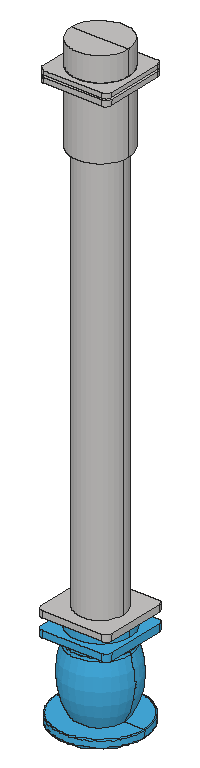
Revit family "HAWLE Гидрант", category Оборудование, Revit 2017
Family settings
  Размер круглого соединителя = Использовать диаметр
  Тип детали = Нормальный
  На основе рабочей плоскости = Нет
  Всегда вертикально = Да
  При загрузке вырезать с полостями = Нет
  Общий = Нет
  Точка расчета площади = Нет
Parameters
  Фланец [instance] = no
  Разработчик модели (URL) = "http://prorubim.com/ru/"  # constant formula
  Разработчик (телефон) = "+7(495)649-85-43"  # constant formula
  Разработчик (email) = "office@prorubim.com"  # constant formula
  Разработчик = "ООО ПРОРУБИМ"  # constant formula
  Материал_Труба = Hawle_Cталь
  Материал_Основание = Hawle_Чугун
  Материал_Колено = Hawle_Латунь
  Изготовитель телефон = "+7(812)6707670"  # constant formula
  Изготовитель email = "info@hawle-sevkom.ru"  # constant formula
  Изготовитель = "ООО Хавле-Севком"  # constant formula
  URL = "https://www.hawle.ru/"
  L = 1530 mm
  D_Колено для опорожнения = 15 mm
  DN_наруж = DN / 2 + 7 mm  # 57 mm
  DN = 100 mm  # constant formula
  ADSK_Расход жидкости [instance] = 0.0 L/s
  ADSK_Примечание = ""
  ADSK_Позиция = ""
  ADSK_Перепад давления на клапане ΔР [instance] = 0.0 Pa
  ADSK_Обозначение = "DN100(EN1092-2)"  # constant formula
  ADSK_Наименование = "Подземный гидрант DUO GOST"  # constant formula
  ADSK_Масса_Текст = ""
  ADSK_Масса = 0
  ADSK_Код изделия = "5035"  # constant formula
  ADSK_Завод-изготовитель = "Hawle"  # constant formula
  ADSK_Единица измерения = "Шт."  # constant formula
Reference planes
  plane 1 "По центру (Вперед/Назад)": y = 0
  plane 2: z = 0
  plane 3 "По центру (Влево/Вправо)": x = 0
  plane 4: z = 1530
  plane 5: z = 1290
  plane 6: x = -57
  plane 7: z = 270
  plane 8: z = 245
  plane 9: x = -100
  plane 10: x = -110
  plane 11: z = 235
  plane 12: z = 1470
  plane 13: x = -70
Forms (mm)
  Revolve 1, solid, material "Hawle_Чугун" <- "Материал_Основание", detail levels fine
    sketch origin (0.133, 0, 0) x (1, 0, 0) y (0, 0, 1)
      loop
        line (0, 14) -> (-63.706, 14) -> (-63.706, 12.921) -> (-73.178, 12.921)
        arc (-73.178, 12.921) -> (-74.561, 12.348) -> (-75.133, 10.965) r 1.956
        line (-75.133, 10.965) -> (-75.133, 0) -> (0, 0) -> (0, 14)
      axis (0, 14) -> (0, 0)
    angle from 0 to 360
  Revolve 2, solid, material "Hawle_Чугун" <- "Материал_Основание", detail levels fine
    sketch origin (0.133, 0, 0) x (1, 0, 0) y (0, 0, 1)
      loop
        arc (-108.133, 33) -> (-109.548, 32.414) -> (-110.133, 31) r 2
        line (-110.133, 31) -> (-110.133, 16)
        arc (-110.133, 16) -> (-109.548, 14.586) -> (-108.133, 14) r 2
        line (-108.133, 14) -> (0, 14) -> (0, 33) -> (-108.133, 33)
      axis (0, 33) -> (0, 14)
    angle from 0 to 360
  Revolve 3, solid, material "Hawle_Чугун" <- "Материал_Основание", detail levels fine
    sketch origin (0.133, 0, 0) x (1, 0, 0) y (0, 0, 1)
      loop
        line (0, 255.303) -> (-73.683, 255.303) -> (-73.683, 194.149)
        arc (-73.683, 194.149) -> (-74.042, 190.378) -> (-75.105, 186.743) r 20
        arc (-75.105, 186.743) -> (-86.339, 108.089) -> (-60.369, 33) r 168.904
        line (-60.369, 33) -> (0, 33) -> (0, 255.303)
      axis (0, 255.303) -> (0, 33)
    angle from 0 to 360
  Revolve 4, solid, material "Hawle_Cталь" <- "Материал_Труба", detail levels fine
    sketch origin (0.133, 0, 0) x (1, 0, 0) y (0, 0, 1)
      loop
        line (0, 1290) -> (-57.133, 1290) -> (-57.133, 254.333) -> (0, 254.333) -> (0, 1290)
      axis (0, 1290) -> (0, 254.333)
    angle from 0 to 360
  Extrusion 5, solid, material "Hawle_Чугун" <- "Материал_Основание", detail levels fine
    sketch origin (0.133, 0, 0) x (1, 0, 0) y (0, 1, 0)
      loop
        arc (-73.5, 87.5) -> (-83.399, 83.399) -> (-87.5, 73.5) r 14
        line (-87.5, 73.5) -> (-87.5, -73.5)
        arc (-87.5, -73.5) -> (-83.399, -83.399) -> (-73.5, -87.5) r 14
        line (-73.5, -87.5) -> (73.5, -87.5)
        arc (73.5, -87.5) -> (83.399, -83.399) -> (87.5, -73.5) r 14
        line (87.5, -73.5) -> (87.5, 73.5)
        arc (87.5, 73.5) -> (83.399, 83.399) -> (73.5, 87.5) r 14
        line (73.5, 87.5) -> (-73.5, 87.5)
    from 210.803 to 227.303
  Extrusion 6, solid, material "Hawle_Cталь" <- "Материал_Труба", detail levels fine
    sketch origin (0.133, 0, 0) x (1, 0, 0) y (0, 1, 0)
      loop
        arc (-73.5, 87.5) -> (-83.399, 83.399) -> (-87.5, 73.5) r 14
        line (-87.5, 73.5) -> (-87.5, -73.5)
        arc (-87.5, -73.5) -> (-83.399, -83.399) -> (-73.5, -87.5) r 14
        line (-73.5, -87.5) -> (73.5, -87.5)
        arc (73.5, -87.5) -> (83.399, -83.399) -> (87.5, -73.5) r 14
        line (87.5, -73.5) -> (87.5, 73.5)
        arc (87.5, 73.5) -> (83.399, 83.399) -> (73.5, 87.5) r 14
        line (73.5, 87.5) -> (-73.5, 87.5)
    from 255.303 to 270
  Revolve 7, solid, material "Hawle_Cталь" <- "Материал_Труба", detail levels fine
    sketch origin (0, 0, 0) x (1, 0, 0) y (0, 0, 1)
      loop
        line (0, 1290) -> (0, 1470) -> (-70, 1470) -> (-70, 1290) -> (0, 1290)
      axis (0, 1470) -> (0, 1290)
    angle from 0 to 360
  Extrusion 8, solid, material "Hawle_Cталь" <- "Материал_Труба", detail levels fine
    sketch origin (-39.867, -1524, 1290) x (0, -1, 0) y (-1, 0, 0)
      loop
        line (-1609, 31.133) -> (-1609, -110.867)
        arc (-1609, -110.867) -> (-1604.899, -120.766) -> (-1595, -124.867) r 14
        line (-1595, -124.867) -> (-1453, -124.867)
        arc (-1453, -124.867) -> (-1443.101, -120.766) -> (-1439, -110.867) r 14
        line (-1439, -110.867) -> (-1439, 31.133)
        arc (-1439, 31.133) -> (-1443.101, 41.033) -> (-1453, 45.133) r 14
        line (-1453, 45.133) -> (-1595, 45.133)
        arc (-1595, 45.133) -> (-1604.899, 41.033) -> (-1609, 31.133) r 14
    from -164 to -152
  Extrusion 9, solid, material "Hawle_Cталь" <- "Материал_Труба", detail levels fine
    sketch origin (-39.867, -1524, 1290) x (0, -1, 0) y (-1, 0, 0)
      loop
        line (-1609, 31.133) -> (-1609, -110.867)
        arc (-1609, -110.867) -> (-1604.899, -120.766) -> (-1595, -124.867) r 14
        line (-1595, -124.867) -> (-1453, -124.867)
        arc (-1453, -124.867) -> (-1443.101, -120.766) -> (-1439, -110.867) r 14
        line (-1439, -110.867) -> (-1439, 31.133)
        arc (-1439, 31.133) -> (-1443.101, 41.033) -> (-1453, 45.133) r 14
        line (-1453, 45.133) -> (-1595, 45.133)
        arc (-1595, 45.133) -> (-1604.899, 41.033) -> (-1609, 31.133) r 14
    from -180 to -170
  Sweep 10, solid, material "Hawle_Латунь" <- "Материал_Колено", detail levels fine
    path in 3D
      loop
        line (0, 0, 245) -> (-100, 0, 245)
        arc (-100, 0, 245) -> (-107.071, 0, 242.071) -> (-110, 0, 235) r 10
        line (-110, 0, 235) -> (-110, 0, 230)
    profile origin (-50, 0, 245) x (0, 0, -1) y (0, -1, 0)
      loop
        circle (0, 0) r 7.5
  Revolve 11, solid, material "Hawle_Cталь" <- "Материал_Труба", detail levels fine
    sketch origin (0, 0, 0) x (1, 0, 0) y (0, 0, 1)
      loop
        line (0, 1470) -> (0, 1530) -> (-70, 1530) -> (-70, 1470) -> (0, 1470)
      axis (0, 1530) -> (0, 1470)
    angle from 0 to 360
Cuts and joins
  joined: Revolve 4, Extrusion 6
Lines and regions (mm)
  reference lines
    curve 1: line (0, 0, 245) -> (-100, 0, 245)
    curve 2: line (-110, 0, 235) -> (-110, 0, 230)
    curve 3: arc (-100, 0, 245) -> (-107.071, 0, 242.071) -> (-110, 0, 235) r 10
  sketch lines
    curve 4: line (0, 0, 245) -> (-100, 0, 245)
    curve 5: line (-110, 0, 235) -> (-110, 0, 230)
    curve 6: arc (-100, 0, 245) -> (-107.071, 0, 242.071) -> (-110, 0, 235) r 10
Dimensions and locks
  "L": plane 4 to plane 2
  locked: plane 4 to plane 5 at 240
  "DN_наруж": plane 3 "По центру (Влево/Вправо)" to plane 6
  locked: plane 7 to plane 2 at 270
  locked: plane 7 to plane 8 at 25
  locked: plane 3 "По центру (Влево/Вправо)" to plane 9 at 100
  locked: plane 8 to plane 11 at 10
  locked: plane 9 to plane 10 at 10
  locked: plane 4 to plane 12 at 60
  Revolve 11 sketch curve to Revolve 11 sketch curve to plane 12 = 60 mm, 0 mm
  locked: plane 3 "По центру (Влево/Вправо)" to plane 13 at 70
  "D_Колено для опорожнения": diameter of Sweep 10 sketch curve
  aligned and locked: level to plane 2
  aligned and locked: Revolve 1 sketch curve to Revolve 1 sketch curve
  aligned and locked: Revolve 7 sketch curve to plane 5
  aligned and locked: Revolve 7 sketch curve to plane 3 "По центру (Влево/Вправо)"
  aligned and locked: plane 6 to Revolve 4 sketch curve
  aligned and locked: plane 7 to cut or joined group of Revolve 4, Extrusion 6
  aligned and locked: plane 5 to cut or joined group of Revolve 4, Extrusion 6
  aligned and locked: plane 12 to Extrusion 9
  aligned and locked: Revolve 7 to plane 12
  aligned and locked: Revolve 7 sketch curve to plane 12
  aligned and locked: Revolve 11 sketch curve to plane 3 "По центру (Влево/Вправо)"  (x2)
  aligned and locked: Revolve 11 sketch curve to plane 13
  aligned and locked: Revolve 7 sketch curve to plane 13
  aligned and locked: plane 1 "По центру (Вперед/Назад)" to nested 1
  aligned and locked: plane 3 "По центру (Влево/Вправо)" to nested 1
  aligned and locked: plane 3 "По центру (Влево/Вправо)" to nested 2
  aligned and locked: plane 1 "По центру (Вперед/Назад)" to nested 2
  aligned and locked: plane 3 "По центру (Влево/Вправо)" to nested 3
  aligned and locked: nested 3 to plane 2
Automatic sketch dimensions
  Revolve 1 sketch curve to level = 0 mm
  Revolve 1 sketch curve to plane 3 "По центру (Влево/Вправо)" = 75 mm
  Revolve 1 sketch curve to Revolve 1 sketch curve = 1.956 mm
  Revolve 1 sketch curve to Revolve 1 sketch curve = 9.472 mm
  plane 3 "По центру (Влево/Вправо)" to Revolve 1 sketch curve = 0.133 mm
  level to Revolve 1 sketch curve = 10.965 mm
  level to Revolve 1 sketch curve = 14 mm
  Revolve 1 sketch curve to level = 4.156 mm
  Revolve 1 sketch curve to Revolve 1 sketch curve = 0 mm
  level to Revolve 2 sketch curve = 16 mm
  Revolve 2 sketch curve to plane 3 "По центру (Влево/Вправо)" = 110 mm
  Revolve 2 sketch curve to Revolve 2 sketch curve = 2 mm  (x2)
  plane 3 "По центру (Влево/Вправо)" to Revolve 2 sketch curve = 0.133 mm  (x2)
  Revolve 2 sketch curve to Revolve 2 sketch curve = 15 mm
  Revolve 2 sketch curve to level = 8.838 mm
  Revolve 2 sketch curve to Revolve 2 sketch curve = 30 mm
  Revolve 3 sketch curve to plane 3 "По центру (Влево/Вправо)" = 93.55 mm
  Revolve 3 sketch curve to Revolve 3 sketch curve = 20 mm
  Revolve 3 sketch curve to plane 3 "По центру (Влево/Вправо)" = 60.235 mm
  plane 3 "По центру (Влево/Вправо)" to Revolve 3 sketch curve = 0.133 mm  (x2)
  plane 3 "По центру (Влево/Вправо)" to Revolve 3 sketch curve = 81.928 mm
  level to Revolve 3 sketch curve = 33 mm
  Revolve 3 sketch curve to Revolve 3 sketch curve = 91.204 mm
  Revolve 3 sketch curve to Revolve 3 sketch curve = 161.149 mm
  Revolve 3 sketch curve to Revolve 3 sketch curve = 61.154 mm
  Revolve 3 sketch curve to level = 14.697 mm
  Revolve 3 sketch curve to Revolve 3 sketch curve = 40 mm
  Extrusion 5 sketch curve to plane 3 "По центру (Влево/Вправо)" = 87.367 mm
  Extrusion 5 sketch curve to Extrusion 5 sketch curve = 14 mm  (x3)
  plane 3 "По центру (Влево/Вправо)" to Extrusion 5 sketch curve = 73.633 mm  (x2)
  plane 1 "По центру (Вперед/Назад)" to Extrusion 5 sketch curve = 87.5 mm
  Extrusion 5 sketch curve to plane 1 "По центру (Вперед/Назад)" = 73.5 mm
  Extrusion 6 sketch curve to plane 3 "По центру (Влево/Вправо)" = 87.367 mm
  Extrusion 6 sketch curve to Extrusion 6 sketch curve = 14 mm  (x3)
  plane 3 "По центру (Влево/Вправо)" to Extrusion 6 sketch curve = 73.633 mm  (x2)
  plane 1 "По центру (Вперед/Назад)" to Extrusion 6 sketch curve = 87.5 mm
  Extrusion 6 sketch curve to plane 1 "По центру (Вперед/Назад)" = 73.5 mm
  Revolve 7 sketch curve to plane 3 "По центру (Влево/Вправо)" = 0 mm
  Revolve 7 sketch curve to Revolve 7 sketch curve = 23 mm
  Revolve 7 sketch curve to Revolve 7 sketch curve = 90 mm
  Extrusion 8 sketch curve to plane 1 "По центру (Вперед/Назад)" = 85 mm
  Extrusion 8 sketch curve to Extrusion 8 sketch curve = 14 mm  (x3)
  plane 1 "По центру (Вперед/Назад)" to Extrusion 8 sketch curve = 71 mm  (x2)
  Extrusion 8 sketch curve to plane 3 "По центру (Влево/Вправо)" = 85 mm
  plane 3 "По центру (Влево/Вправо)" to Extrusion 8 sketch curve = 71 mm
  Extrusion 9 sketch curve to plane 1 "По центру (Вперед/Назад)" = 85 mm
  Extrusion 9 sketch curve to Extrusion 9 sketch curve = 14 mm  (x3)
  plane 1 "По центру (Вперед/Назад)" to Extrusion 9 sketch curve = 71 mm  (x2)
  Extrusion 9 sketch curve to plane 3 "По центру (Влево/Вправо)" = 85 mm
  plane 3 "По центру (Влево/Вправо)" to Extrusion 9 sketch curve = 71 mm
  curve 2 to plane 10 = 0 mm
  curve 3 to plane 9 = 0 mm
  curve 1 to plane 3 "По центру (Влево/Вправо)" = 0 mm
  curve 2 to plane 11 = 0 mm
  curve 2 to curve 2 = 5 mm
  Revolve 11 sketch curve to Revolve 11 sketch curve = 80 mm
  Revolve 11 sketch curve to Revolve 11 sketch curve = 35 mm
  Revolve 4 sketch curve to plane 5 = 0 mm
  plane 3 "По центру (Влево/Вправо)" to Revolve 4 sketch curve = 0.133 mm  (x2)
  Revolve 4 sketch curve to plane 8 = 9.333 mm
  plane 5 to Revolve 4 sketch curve = 121.667 mm
  plane 7 to Revolve 4 sketch curve = 106.03 mm
  Sweep 10 sketch curve to profile plane = 0 mm  (x2)
Nested families
  nested 1: "УГО_Гидрант" at (0, 0, 0), D <- "DN", type "УГО_Гидрант"
    with L 120 mm, D 100 mm
  nested 2: "Аннотации" at (0, 0, 0), D <- "DN", type "Аннотации", detail levels coarse+medium
    with L 110 mm, D 100 mm
  nested 3: "Фланец ГОСТ 33259—2015" at (0, 0, -33.8) x (0, 0, -1) z (1, 0, 0), DN <- "DN", visible <- "Фланец", type "Фланец ГОСТ 33259—2015"
    with УГО no, Переключатель УГО yes, Материал фланца none, h 7.8 mm, db 110 mm, d 18 mm, b 26 mm, DN 100 mm, D 215 mm, ADSK_Наименование "Фланец стальной приварной DN100", ADSK_Масса 4.73, 2d 36 mm
Connectors
  piping at (0.133, 0, 0), diameter 100, driven by "DN", driven by "ADSK_Расход жидкости", driven by "ADSK_Перепад давления на клапане ΔР"
    settings: on Revolve 1, index 1, connector inside diameter 609.6 mm, connector length 0 mm, flow factor 0, pipe flow 0.0 L/s, pressure drop 0.0 Pa, fitting loss kfactor 0, connector angle 0.00°, fixture units 0, engagement length 0 mm, angle of deflection 0.00°, flow configuration 1, flow direction 1, fitting loss method 4, system type 23, joint type 0, gender type 0, connector reference index -1, connector utility 0, adjustable connector yes, is connector primary yes, connector description ""
Definition of nested family "Фланец ГОСТ 33259—2015"
  Parameters (values of type "Фланец ГОСТ 33259—2015")
    УГО [instance] = not(Переключатель УГО)  # yes
    Таблица_наименование = "Фланец ГОСТ 12820-80"  # constant formula
    Переключатель УГО [instance] = no
    Материал фланца [instance] = none
    h [instance] = b * 0.3  # 4.8 mm
    db [instance] = size_lookup(Таблица_наименование, "db", 19 mm, DN)  # 26 mm
    d [instance] = size_lookup(Таблица_наименование, "d", 11 mm, DN)  # 11 mm
    b [instance] = size_lookup(Таблица_наименование, "b", 14 mm, DN)  # 16 mm
    DN [instance] = 20 mm
    D [instance] = size_lookup(Таблица_наименование, "D", 95 mm, DN)  # 105 mm
    ADSK_Примечание = ""
    ADSK_Позиция = ""
    ADSK_Обозначение = "ГОСТ 12820-80"  # constant formula
    ADSK_Наименование [instance] = size_lookup(Таблица_наименование, "", "ОШИБКА", DN)  # "Фланец стальной приварной DN20"
    ADSK_Масса [instance] = size_lookup(Таблица_наименование, "m", 0, DN)  # 0.86
    ADSK_Код изделия = ""
    ADSK_Завод-изготовитель = ""
    ADSK_Единица измерения = "шт"  # constant formula
    2d [instance] = d * 2  # 22 mm
  Reference planes
    plane 1 "По центру (Вперед/Назад)": y = 0
    plane 2: z = 0
    plane 3 "По центру (Влево/Вправо)": x = 0
    plane 4: x = -16
    plane 5: x = -20.8
    plane 6: y = 52.5
    plane 7: y = -52.5
    plane 8: y = 13
    plane 9: y = -13
    plane 10: y = 30.5
    plane 11: x = -10.4
  Forms (mm)
    Revolve 1, solid, material <- "Материал фланца", detail levels fine
      sketch origin (0, 0, 0) x (1, 0, 0) y (0, 1, 0)
        loop
          line (0, 0) -> (0, 52.5) -> (-16, 52.5) -> (-16, 35.3) -> (-20.8, 30.5) -> (-20.8, 0) -> (0, 0)
        axis (-20.8, 0) -> (0, 0)
      angle from 0 to 360
  Dimensions and locks
    "b": plane 4 to plane 3 "По центру (Влево/Вправо)"
    "h": plane 5 to plane 4
    equal spacing: plane 6, plane 1 "По центру (Вперед/Назад)", plane 7
    "D": plane 6 to plane 7
    equal spacing: plane 8, plane 1 "По центру (Вперед/Назад)", plane 9
    "db": plane 8 to plane 9
    "2d": plane 6 to plane 10
    equal spacing: plane 5, plane 11, plane 3 "По центру (Влево/Вправо)"
    locked: plane 10 to Revolve 1 sketch curve (angle 45.00°)
    aligned and locked: level to plane 2
    aligned and locked: plane 3 "По центру (Влево/Вправо)" to Revolve 1 sketch curve
    aligned and locked: plane 5 to Revolve 1 sketch curve  (x2)
    aligned and locked: plane 10 to Revolve 1 sketch curve
    aligned and locked: Revolve 1 sketch curve to plane 6
    aligned and locked: plane 4 to Revolve 1 sketch curve
    aligned and locked: plane 1 "По центру (Вперед/Назад)" to Revolve 1 sketch curve  (x2)
    aligned and locked: plane 1 "По центру (Вперед/Назад)" to nested 1
    aligned and locked: plane 11 to nested 1
  Automatic sketch dimensions
    Revolve 1 sketch curve to plane 3 "По центру (Влево/Вправо)" = 0 mm
  Nested families
    nested 1: "УГО_Фланец" at (-10.4, 0, 0), L <- "D", Переключаетль УГО <- "Переключатель УГО", type "УГО_Фланец", detail levels coarse+medium
      with УГО yes, Переключаетль УГО no, L 105 mm
  Definition of nested family "УГО_Фланец"
    Parameters (values of type "УГО_Фланец")
      УГО [instance] = not(Переключаетль УГО)  # yes
      Переключаетль УГО [instance] = no
      L [instance] = 360 mm
    Reference planes
      plane 1 "По центру (Вперед/Назад)": y = 0
      plane 2: z = 0
      plane 3 "По центру (Влево/Вправо)": x = 0
      plane 4: y = 180
      plane 5: y = -180
      plane 6: z = 180
      plane 7: z = -180
    Lines and regions (mm)
      symbolic lines
        curve 1: line (0, 180, 0) -> (0, -180, 0)
      model lines, visible <- "Переключаетль УГО"
        curve 2: line (0, 0, 180) -> (0, 0, -180)
      model lines, visible <- "УГО"
        curve 3: line (0, 180, 0) -> (0, -180, 0)
    Dimensions and locks
      equal spacing: plane 4, plane 1 "По центру (Вперед/Назад)", plane 5
      "L": plane 4 to plane 5
      equal spacing: plane 6, plane 2, plane 7
      "L": plane 6 to plane 7
      aligned and locked: level to plane 2
      aligned and locked: plane 4 to curve 1
      aligned and locked: curve 1 to plane 3 "По центру (Влево/Вправо)"
      aligned and locked: plane 5 to curve 1
      aligned and locked: plane 6 to curve 2
      aligned and locked: curve 2 to plane 3 "По центру (Влево/Вправо)"
      aligned and locked: plane 7 to curve 2
      aligned and locked: plane 4 to curve 3
      aligned and locked: plane 5 to curve 3
      aligned and locked: curve 3 to plane 3 "По центру (Влево/Вправо)"
Definition of nested family "Аннотации"
  Parameters (values of type "Семейство2")
    L [instance] = D + 10 mm  # 380 mm
    D [instance] = 370 mm
  Reference planes
    plane 1 "По центру (Вперед/Назад)": y = 0
    plane 2: z = 0
    plane 3 "По центру (Влево/Вправо)": x = 0
  Lines and regions (mm)
    Filled region 1, type "Сплошная заливка - Черный", in view "Опорный уровень"
      outline origin (0, 0, 0) x (1, 0, 0) y (0, 1, 0)
        loop
          line (0, 185) -> (0, -185)
          arc (0, -185) -> (185, 0) -> (0, 185) r 185
    detail lines, in view "Опорный уровень"
      curve 1: circle (0, 0, 0) r 185 normal (0, 0, 1)
      curve 2: line (-185, 0, 0) -> (-190, 0, 0)
      curve 3: line (185, 0, 0) -> (190, 0, 0)
  Dimensions and locks
    equal spacing: curve 2, plane 3 "По центру (Влево/Вправо)", curve 3
    "L": curve 2 to curve 3
    "D": diameter of curve 1
    aligned and locked: Filled region 1 sketch curve to curve 1
    aligned and locked: Filled region 1 sketch curve to plane 3 "По центру (Влево/Вправо)"
  Automatic sketch dimensions
    plane 1 "По центру (Вперед/Назад)" to curve 2 = 0 mm
    plane 1 "По центру (Вперед/Назад)" to curve 1 = 0 mm
    curve 1 to plane 3 "По центру (Влево/Вправо)" = 0 mm
    plane 1 "По центру (Вперед/Назад)" to curve 3 = 0 mm
Types in the file's own list only (13): name | L | D_Колено для опорожнения | DN_наруж | DN | ADSK_Масса_Текст | ADSK_Масса
  DUO GOST 750 | 750 мм | 15 мм | 57 мм | 100 мм | "32.5" | 32.5
  DUO GOST 1000 | 1000 мм | 15 мм | 57 мм | 100 мм | "36.5" | 36.5
  DUO GOST 1250 | 1250 мм | 15 мм | 57 мм | 100 мм | "40.5" | 40.5
  DUO GOST 1500 | 1500 мм | 15 мм | 57 мм | 100 мм | "45" | 45
  DUO GOST 1750 | 1750 мм | 15 мм | 57 мм | 100 мм | "49" | 49
  DUO GOST 2000 | 2000 мм | 15 мм | 57 мм | 100 мм | "53" | 53
  DUO GOST 2250 | 2250 мм | 15 мм | 57 мм | 100 мм | "58" | 58
  DUO GOST 2500 | 2500 мм | 15 мм | 57 мм | 100 мм | "63" | 63
  DUO GOST 2750 | 2750 мм | 15 мм | 57 мм | 100 мм | "67" | 67
  DUO GOST 3000 | 3000 мм | 15 мм | 57 мм | 100 мм | "71" | 71
  DUO GOST 3250 | 3250 мм | 15 мм | 57 мм | 100 мм | "75" | 75
  DUO GOST 3500 | 3500 мм | 15 мм | 57 мм | 100 мм | "79" | 79
  DUO GOST 4000 | 4000 мм | 15 мм | 57 мм | 100 мм | "83" | 83
